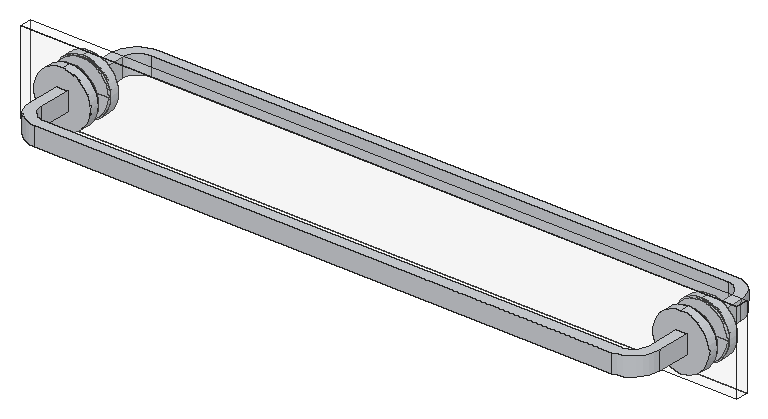
Revit family "SH-2702", category Plumbing Fixtures, Revit 2023
Family settings
  Round Connector Dimension = Use Diameter
  Part Type = Normal
  OmniClass Number = 23.45.00.00
  OmniClass Title = Sanitary, Laundry, and Cleaning Equipment
  Work Plane-Based = No
  Enable Cutting in Views = No
  Always vertical = Yes
  Cut with Voids When Loaded = No
  Maintain Annotation Orientation = No
  Shared = No
  Room Calculation Point = No
Parameters
  Default Elevation = 0' - 0"
Reference planes (in)
  plane 1 "Center (Front/Back)": y = 0
  plane 2: z = 0
  plane 3 "Center (Left/Right)": x = 0
  plane 4: x = 0.36342
  plane 5: x = -0.36342
  plane 6: x = 13.09245
  plane 7: x = -13.09505
  plane 8: x = -12.0013
  plane 9: x = 11.9987
  plane 10: y = -0.5
  plane 11: x = 10.8737
  plane 12: y = -3.25
  plane 13: y = 2.75
  plane 14: z = 19.26934
Forms (in)
  Extrusion 1, solid
    sketch origin (-14.59749, 0.07628, 19.26934) x (-1, 0, 0) y (0, -1, 0)
      loop
        line (-26.39506, 0.92285) -> (-26.39506, 2.29439)
        arc (-26.39506, 2.29439) -> (-26.21379, 2.73202) -> (-25.77615, 2.91329) r 0.61891
        line (-25.77615, 2.91329) -> (-3.41883, 2.91329)
        arc (-3.41883, 2.91329) -> (-2.9777, 2.73057) -> (-2.79499, 2.28945) r 0.62384
        line (-2.79499, 2.28945) -> (-2.79499, 0.92285) -> (-2.3668, 0.92285) -> (-2.3668, 2.30072)
        arc (-2.3668, 2.30072) -> (-2.66718, 3.0259) -> (-3.39236, 3.32628) r 1.02556
        line (-3.39236, 3.32628) -> (-25.77037, 3.32628)
        arc (-25.77037, 3.32628) -> (-26.49653, 3.02549) -> (-26.79732, 2.29932) r 1.02696
        line (-26.79732, 2.29932) -> (-26.79732, 0.92285) -> (-26.39506, 0.92285)
    from -0.36342 to 0.36342
  Extrusion 2, solid, material "Glass"
    sketch origin (-14.75374, 0, 19.26934) x (1, 0, 0) y (0, 1, 0)
      loop
        line (28.58438, 0) -> (0.78525, 0) -> (0.78525, -0.5) -> (28.58438, -0.5) -> (28.58438, 0)
    from -1.5544 to 1.66107
  Revolve 3, solid
    sketch origin (-4.69124, 0, 19.26934) x (1, 0, 0) y (0, 1, 0)
      loop
        line (16.68994, -0.5) -> (16.68994, -0.57628) -> (17.73902, -0.57628) -> (17.73902, -0.5) -> (16.68994, -0.5)
      axis (16.68994, -0.57628) -> (16.68994, -0.5)
    angle from 0 to 360
  Revolve 4, solid
    sketch origin (-28.69124, 0, 19.26934) x (1, 0, 0) y (0, 1, 0)
      loop
        line (16.68994, -0.4982) -> (16.68994, -0.57628) -> (17.73902, -0.57628) -> (17.73902, -0.4982) -> (16.68994, -0.4982)
      axis (16.68994, -0.57628) -> (16.68994, -0.4982)
    angle from 0 to 360
  Extrusion 5, solid
    sketch origin (-14.75374, 0, 19.26934) x (0, 0, -1) y (1, 0, 0)
      loop
        circle (0, 26.75244) r 1.09375
    from 0.57628 to 0.92285
  Extrusion 6, solid
    sketch origin (-14.75374, 0, 19.26934) x (0, 0, -1) y (1, 0, 0)
      loop
        circle (0, 2.75244) r 1.09375
    from 0.57628 to 0.92285
  Extrusion 7, solid
    sketch origin (-14.59749, -0.57628, 19.26934) x (1, 0, 0) y (0, 1, 0)
      loop
        line (26.39506, 0.99913) -> (26.79732, 0.99913) -> (26.79732, 2.29932)
        arc (26.79732, 2.29932) -> (26.49653, 3.02549) -> (25.77037, 3.32628) r 1.02696
        line (25.77037, 3.32628) -> (3.39236, 3.32628)
        arc (3.39236, 3.32628) -> (2.66718, 3.0259) -> (2.3668, 2.30072) r 1.02556
        line (2.3668, 2.30072) -> (2.3668, 0.92285) -> (2.79499, 0.92285) -> (2.79499, 2.28945)
        arc (2.79499, 2.28945) -> (2.9777, 2.73057) -> (3.41883, 2.91329) r 0.62384
        line (3.41883, 2.91329) -> (25.77615, 2.91329)
        arc (25.77615, 2.91329) -> (26.21379, 2.73202) -> (26.39506, 2.29439) r 0.61891
        line (26.39506, 2.29439) -> (26.39506, 0.99913)
    from -0.36342 to 0.36342
  Revolve 8, solid
    sketch origin (-4.69124, -0.5, 19.26934) x (-1, 0, 0) y (0, -1, 0)
      loop
        line (-16.68994, -0.5) -> (-17.73902, -0.5) -> (-17.73902, -0.57628) -> (-16.68994, -0.57628) -> (-16.68994, -0.5)
      axis (-16.68994, -0.57628) -> (-16.68994, -0.5)
    angle from 0 to 360
  Revolve 9, solid
    sketch origin (-28.69124, -0.5, 19.26934) x (-1, 0, 0) y (0, -1, 0)
      loop
        line (-16.68994, -0.4982) -> (-17.73902, -0.4982) -> (-17.73902, -0.57628) -> (-16.68994, -0.57628) -> (-16.68994, -0.4982)
      axis (-16.68994, -0.57628) -> (-16.68994, -0.4982)
    angle from 0 to 360
  Extrusion 10, solid
    sketch origin (-14.75374, -0.5, 19.26934) x (0, 0, -1) y (-1, 0, 0)
      loop
        circle (0, -26.75244) r 1.09375
    from 0.57628 to 0.92285
  Extrusion 11, solid
    sketch origin (-14.75374, -0.5, 19.26934) x (0, 0, -1) y (-1, 0, 0)
      loop
        circle (0, -2.75244) r 1.09375
    from 0.57628 to 0.92285
Cuts and joins
  joined: Extrusion 1, Extrusion 5, Extrusion 6
Dimensions and locks (in)
  plane 10 to Extrusion 1 = 0' - 2 3/4"
  plane 6 to plane 7 = 2' - 2 3/16"
  plane 9 to plane 8 = 2' - 0"
  plane 1 "Center (Front/Back)" to Extrusion 2 = 0' - 0 1/2"
  Extrusion 2 to Extrusion 1 = 0' - 2 3/4"
  plane 10 to plane 12 = 0' - 2 3/4"
  Extrusion 2 to Extrusion 2 = 0' - 0 1/2"
  plane 13 to plane 1 "Center (Front/Back)" = 0' - 2 3/4"
  Extrusion 11 to plane 14 = 0' - 1 3/32"
  aligned and locked: level to plane 2
